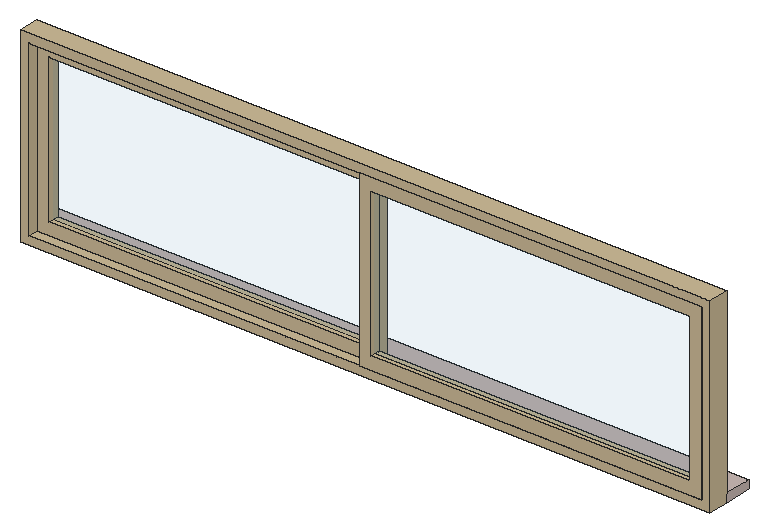
Revit family "2.00x0.55_KtWindow", category Windows, host Wall, Revit 2021
Family settings
  Host = Wall
  Always vertical = Yes
  Cut with Voids When Loaded = No
  Shared = No
  Room Calculation Point = No
Parameters (values of type "1200/1200")
  Window Width [instance] = 2000 mm
  Window Height [instance] = 550 mm
  Height = 550 mm
  Define Thermal Properties by = Schematic Type
  Default Sill Height = 800 mm
  Wall Closure = By host
  Width = 2000 mm
  Analytic Construction = "<None>"
Types (6, lengths in mm): name | Height | Width
  1200/1200 | 550 | 2000
  2 x 0.6 | 600 | 2060
  2 X 2 | 2060 | 2060
  1 X 2 | 2060 | 1060
  1.5 X 2 | 2060 | 1560
  1.5 X 1.5 | 1560 | 1560
Reference planes
  plane 1: y = 0.5
  plane 2 "Center": x = 0
  plane 3 "Left": x = -1000
  plane 4 "Right": x = 1000
  plane 5 "Sill": z = 800
  plane 6 "Head": z = 1350
  plane 7: y = 10.981
  plane 8: z = 1300
  plane 9: z = 850
  plane 10: x = -950
  plane 11: x = 950
  plane 12: z = 825
  plane 13: z = 1400
Forms (mm)
  Extrusion 1, solid, material "Default Sill", detail levels fine
    sketch origin (0, 0.519, 0) x (0, 0, -1) y (1, 0, 0)
      loop
        line (-825, 1000) -> (-825, -1000) -> (-800, -1000) -> (-800, 1000) -> (-825, 1000)
    from -104.481 to -25.944
  Extrusion 2, solid, material "Default Frame"
    sketch origin (0, 41, 0) x (0, 0, -1) y (1, 0, 0)
      loop
        line (-1350, -1000) -> (-800, -1000) -> (-800, 1000) -> (-1350, 1000) -> (-1350, -1000)
      loop
        line (-1325, -975) -> (-825, -975) -> (-825, 975) -> (-1325, 975) -> (-1325, -975)
    from 14.538 to 74.538
  Extrusion 3, solid, material "Default Frame"
    sketch origin (0, 0, 0) x (0, 0, -1) y (1, 0, 0)
      loop
        line (-825, -975) -> (-825, 15) -> (-1325, 15) -> (-1325, -975) -> (-825, -975)
      loop
        line (-860, -940) -> (-860, -15) -> (-1290, -15) -> (-1290, -940) -> (-860, -940)
    from -26.462 to 3.538
  Extrusion 4, solid, material "Default Frame"
    sketch origin (0, -3.538, 0) x (0, 0, -1) y (1, 0, 0)
      loop
        line (-1325, 975) -> (-1325, -15) -> (-825, -15) -> (-825, 975) -> (-1325, 975)
      loop
        line (-860, 15) -> (-860, 940) -> (-1290, 940) -> (-1290, 15) -> (-860, 15)
    from 0 to 30
  Extrusion 5, solid, material "Glass"
    sketch origin (0, -18.538, 0) x (0, 0, -1) y (1, 0, 0)
      loop
        line (-1290, 940) -> (-1290, 15) -> (-860, 15) -> (-860, 940) -> (-1290, 940)
    from 0 to 1
  Extrusion 6, solid, material "Glass"
    sketch origin (0, 10.981, 0) x (0, 0, -1) y (1, 0, 0)
      loop
        line (-1290, -15) -> (-1290, -940) -> (-860, -940) -> (-860, -15) -> (-1290, -15)
    from 0 to 1
Lines and regions (mm)
  Opening 1
    outline origin (-5000, -75, 0) x (1, 0, 0) y (0, 0, 1)
      loop
        line (6000, 800) -> (6000, 1350) -> (4000, 1350) -> (4000, 800) -> (6000, 800)
  symbolic lines, style "WindowsFrameMullionProjection"
    curve 1: line (0, 26.462, 0) -> (0, -33.538, 0)
  symbolic lines, style "Plan Swing"
    curve 2: line (762.249, 0.5, 0) -> (859.142, 26.462, 0)
    curve 3: line (859.142, 26.462, 0) -> (859.142, -33.538, 0)
    curve 4: line (762.249, 0.5, 0) -> (859.142, -33.538, 0)
Text (mm)
  text "EXTERIOR" at (-3259.869, 1332.353, 0), in view "Ref. Level"
  text "INTERIOR" at (-3259.869, -818.386, 0), in view "Ref. Level"
  text "Exterior" at (0, 923.751, 4164.757), in view "Right"
  text "Exterior" at (0, 2113.942, 4068.519), in view "Left"
Dimensions and locks
  equal spacing: plane 3 "Left", plane 2 "Center", plane 4 "Right"
  "Window Width": plane 3 "Left" to plane 4 "Right"
  "Window Height": plane 5 "Sill" to plane 6 "Head"
  "Default Sill Height": plane 5 "Sill" to level
  locked: plane 3 "Left" to plane 10 at 50
  locked: plane 11 to plane 4 "Right" at 50
  locked: plane 9 to plane 5 "Sill" at 50
  locked: plane 6 "Head" to plane 8 at 50
  locked: plane 5 "Sill" to plane 12 at 25
  locked: Extrusion 1 to host wall at 30
  locked: plane 4 "Right" to Extrusion 2 sketch curve at 25
  locked: plane 3 "Left" to Extrusion 2 sketch curve at 25
  locked: Extrusion 2 sketch curve to plane 5 "Sill" at 25
  locked: Extrusion 2 to plane 7 at 15.481
  locked: Extrusion 2 sketch curve to plane 6 "Head" at 25
  locked: plane 1 to plane 7 at 10.481
  Extrusion 3 sketch curve to plane 2 "Center" to Extrusion 3 sketch curve = 15 mm locked, 15 mm locked
  Extrusion 3 sketch curve to plane 10 to Extrusion 2 = 10 mm locked, 25 mm locked
  locked: plane 9 to Extrusion 3 sketch curve at 10
  locked: Extrusion 3 sketch curve to plane 8 at 10
  locked: Extrusion 2 to Extrusion 2 at 60
  locked: Extrusion 2 to Extrusion 3 at 30
  locked: Extrusion 2 to Extrusion 4 at 30
  Extrusion 3 to Extrusion 6 to Extrusion 6 = 15.481 mm locked, 1 mm locked
  Extrusion 4 to Extrusion 5 to Extrusion 5 = 14 mm locked, 1 mm locked
  locked: curve 4 to plane 4 "Right" at 237.751
  locked: curve 3 to plane 4 "Right" at 140.858
  aligned and locked: Extrusion 1 to Extrusion 2
  aligned and locked: Extrusion 3 to Extrusion 1
  aligned and locked: Extrusion 2 to Extrusion 4
  aligned and locked: Extrusion 4 sketch curve to Extrusion 3
Automatic sketch dimensions
  Extrusion 1 sketch curve to plane 3 "Left" = 0 mm
  Extrusion 1 sketch curve to plane 12 = 0 mm
  Extrusion 1 sketch curve to plane 4 "Right" = 0 mm
  Extrusion 1 sketch curve to plane 5 "Sill" = 0 mm
  Extrusion 2 sketch curve to plane 4 "Right" = 0 mm
  Extrusion 2 sketch curve to plane 6 "Head" = 0 mm
  Extrusion 2 sketch curve to plane 5 "Sill" = 0 mm
  Extrusion 2 sketch curve to plane 3 "Left" = 0 mm
  Opening 1 sketch curve to plane 3 "Left" = 0 mm
  Opening 1 sketch curve to plane 4 "Right" = 0 mm
  Opening 1 sketch curve to plane 5 "Sill" = 0 mm
  Opening 1 sketch curve to plane 6 "Head" = 0 mm
  Extrusion 3 sketch curve to plane 12 = 0 mm
  plane 6 "Head" to Extrusion 3 sketch curve = 25 mm
  Extrusion 3 sketch curve to plane 3 "Left" = 25 mm
  Extrusion 4 sketch curve to plane 12 = 0 mm
  Extrusion 4 sketch curve to plane 9 = 10 mm
  plane 8 to Extrusion 4 sketch curve = 10 mm
  plane 6 "Head" to Extrusion 4 sketch curve = 25 mm
  plane 2 "Center" to Extrusion 4 sketch curve = 15 mm
  plane 11 to Extrusion 4 sketch curve = 10 mm
  plane 4 "Right" to Extrusion 4 sketch curve = 25 mm
  plane 8 to Extrusion 5 sketch curve = 10 mm
  Extrusion 5 sketch curve to plane 9 = 10 mm
  plane 2 "Center" to Extrusion 5 sketch curve = 15 mm
  plane 11 to Extrusion 5 sketch curve = 10 mm
  plane 8 to Extrusion 6 sketch curve = 10 mm
  Extrusion 6 sketch curve to plane 9 = 10 mm
  Extrusion 6 sketch curve to plane 10 = 10 mm
  Extrusion 6 sketch curve to plane 2 "Center" = 15 mm
  curve 1 to plane 2 "Center" = 0 mm
  curve 4 to plane 1 = 0 mm
  host wall to curve 3 = 33.538 mm
  host wall to curve 1 = 33.538 mm
  curve 1 to plane 7 = 15.481 mm
  curve 3 to plane 7 = 15.481 mm
